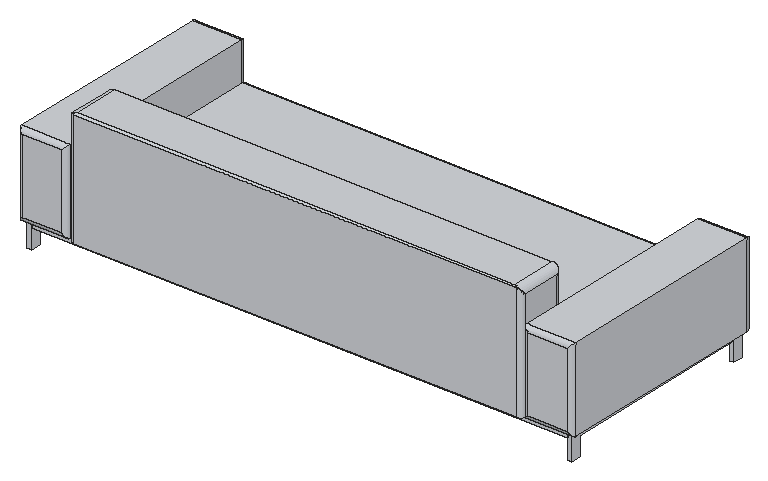
Revit family
Parameters (values of type "3 Posti (230 x 92 cm)")
  Manufacturer = "Revit"
  Materiale Gambe = none
  Materiale Divano [instance] = none
Reference planes
  plane 1 "Center (Front/Back)": y = 0
  plane 2: z = 0
  plane 3 "Center (Left/Right)": x = 0
Forms (mm)
  Extrusion 1, solid, material <- "Materiale Gambe"
    sketch origin (0, 0, 0) x (0, 1, 0) y (0, 0, 1)
      loop
        line (24.227, 101.88) -> (24.227, 0) -> (64.328, 0) -> (64.328, 79.333) -> (864.671, 79.333) -> (864.671, 0) -> (903.936, 0) -> (903.936, 101.88) -> (24.227, 101.88)
    from 1112.496 to 1132.465
  Extrusion 2, solid, material <- "Materiale Divano"
    sketch origin (900, 0.789, 0) x (0, 1, 0) y (0, 0, 1)
      loop
        arc (20, 450.111) -> (5.858, 444.253) -> (0, 430.111) r 20
        line (0, 430.111) -> (0, 121.88)
        arc (0, 121.88) -> (5.858, 107.738) -> (20, 101.88) r 20
        line (20, 101.88) -> (906.409, 101.88)
        arc (906.409, 101.88) -> (920.551, 107.738) -> (926.409, 121.88) r 20
        line (926.409, 121.88) -> (926.409, 430.111)
        arc (926.409, 430.111) -> (920.551, 444.253) -> (906.409, 450.111) r 20
        line (906.409, 450.111) -> (20, 450.111)
    from 48.111 to 251.449
  Extrusion 3, void
    sketch origin (0, 0, 0) x (1, 0, 0) y (0, 1, 0)
      loop
        line (948.111, 907.198) -> (948.111, 20.789)
        arc (948.111, 20.789) -> (953.969, 6.647) -> (968.111, 0.789) r 20
        line (968.111, 0.789) -> (1131.449, 0.789)
        arc (1131.449, 0.789) -> (1145.591, 6.647) -> (1151.449, 20.789) r 20
        line (1151.449, 20.789) -> (1151.449, 907.198)
        arc (1151.449, 907.198) -> (1145.591, 921.34) -> (1131.449, 927.198) r 20
        line (1131.449, 927.198) -> (968.111, 927.198)
        arc (968.111, 927.198) -> (953.969, 921.34) -> (948.111, 907.198) r 20
      loop
        line (910.72, 960.165) -> (910.72, -59.835) -> (1190.72, -59.835) -> (1190.72, 960.165) -> (910.72, 960.165)
    from 0 to 710.849
  Extrusion 4, solid, material <- "Materiale Gambe"
    sketch origin (-2245.131, 0, 0) x (0, 1, 0) y (0, 0, 1)
      loop
        line (24.227, 101.88) -> (24.227, 0) -> (64.328, 0) -> (64.328, 79.333) -> (864.671, 79.333) -> (864.671, 0) -> (903.936, 0) -> (903.936, 101.88) -> (24.227, 101.88)
    from 1112.496 to 1132.465
  Extrusion 5, solid, material <- "Materiale Divano"
    sketch origin (-900, 0.789, 0) x (0, 1, 0) y (0, 0, -1)
      loop
        line (20, -450.111) -> (906.409, -450.111)
        arc (906.409, -450.111) -> (920.551, -444.253) -> (926.409, -430.111) r 20
        line (926.409, -430.111) -> (926.409, -121.88)
        arc (926.409, -121.88) -> (920.551, -107.738) -> (906.409, -101.88) r 20
        line (906.409, -101.88) -> (20, -101.88)
        arc (20, -101.88) -> (5.858, -107.738) -> (0, -121.88) r 20
        line (0, -121.88) -> (0, -430.111)
        arc (0, -430.111) -> (5.858, -444.253) -> (20, -450.111) r 20
    from 48.111 to 251.449
  Extrusion 6, void
    sketch origin (0, 0, 0) x (-1, 0, 0) y (0, -1, 0)
      loop
        arc (948.111, -907.198) -> (953.969, -921.34) -> (968.111, -927.198) r 20
        line (968.111, -927.198) -> (1131.449, -927.198)
        arc (1131.449, -927.198) -> (1145.591, -921.34) -> (1151.449, -907.198) r 20
        line (1151.449, -907.198) -> (1151.449, -20.789)
        arc (1151.449, -20.789) -> (1145.591, -6.647) -> (1131.449, -0.789) r 20
        line (1131.449, -0.789) -> (968.111, -0.789)
        arc (968.111, -0.789) -> (953.969, -6.647) -> (948.111, -20.789) r 20
        line (948.111, -20.789) -> (948.111, -907.198)
      loop
        line (910.72, -960.165) -> (1190.72, -960.165) -> (1190.72, 59.835) -> (910.72, 59.835) -> (910.72, -960.165)
    from 0 to 710.849
  Extrusion 7, solid, material <- "Materiale Divano"
    sketch origin (0, 0, 0) x (1, 0, 0) y (0, 1, 0)
      loop
        arc (-941.612, 25.268) -> (-934.385, 7.417) -> (-916.613, 0) r 25
        line (-916.613, 0) -> (921.69, 0)
        arc (921.69, 0) -> (935.832, 5.858) -> (941.69, 20) r 20
        line (941.69, 20) -> (941.69, 181.904)
        arc (941.69, 181.904) -> (935.832, 196.046) -> (921.69, 201.904) r 20
        line (921.69, 201.904) -> (-919.932, 201.904)
        arc (-919.932, 201.904) -> (-933.998, 196.121) -> (-939.931, 182.118) r 20
        line (-939.931, 182.118) -> (-941.612, 25.268)
    from 101.88 to 607.612
  Extrusion 8, void
    sketch origin (0, 0, 0) x (0, 1, 0) y (0, 0, 1)
      loop
        line (-5, 430.111) -> (-4.497, 569.507)
        arc (-4.497, 569.507) -> (1.361, 583.649) -> (15.503, 589.507) r 20
        line (15.503, 589.507) -> (192.25, 589.507)
        arc (192.25, 589.507) -> (206.392, 583.649) -> (212.25, 569.507) r 20
        line (212.25, 569.507) -> (212.25, 450.111) -> (250, 450.111) -> (250, 635.111) -> (-45, 635.111) -> (-45, 430.111) -> (-5, 430.111)
    from -1224.882 to 1308.573
  Extrusion 9, void
    sketch origin (0, 0, 0) x (1, 0, 0) y (0, 0, 1)
      loop
        line (-942.725, 264.164) -> (-942.725, 552.023)
        arc (-942.725, 552.023) -> (-932.474, 576.771) -> (-907.725, 587.023) r 35
        line (-907.725, 587.023) -> (907.283, 587.023)
        arc (907.283, 587.023) -> (932.031, 576.771) -> (942.283, 552.023) r 35
        line (942.283, 552.023) -> (942.283, 244.164) -> (997.275, 244.164) -> (997.275, 684.164) -> (-1042.725, 684.164) -> (-1042.725, 264.164) -> (-942.725, 264.164)
    from -335.382 to 250
  Extrusion 10, solid, material <- "Materiale Divano"
    sketch origin (0, 0, 0) x (0, 1, 0) y (0, 0, 1)
      loop
        line (201.904, 101.88) -> (905, 101.88)
        arc (905, 101.88) -> (919.142, 107.738) -> (925, 121.88) r 20
        line (925, 121.88) -> (925, 271.88)
        arc (925, 271.88) -> (919.142, 286.023) -> (905, 291.88) r 20
        line (905, 291.88) -> (201.904, 291.88) -> (201.904, 101.88)
    from -940.46 to 941.69
  Extrusion 11, solid, material <- "Materiale Gambe", detail levels medium+fine
    sketch origin (0, 0, 0) x (1, 0, 0) y (0, 0, 1)
      loop
        line (-1112.665, 79.333) -> (1112.496, 79.333) -> (1112.496, 101.88) -> (-1112.665, 101.88) -> (-1112.665, 79.333)
    from -64.328 to -24.227
  Extrusion 12, solid, material <- "Materiale Gambe", detail levels medium+fine
    sketch origin (0, 839.608, 0) x (1, 0, 0) y (0, 0, 1)
      loop
        line (-1112.665, 79.333) -> (1112.496, 79.333) -> (1112.496, 101.88) -> (-1112.665, 101.88) -> (-1112.665, 79.333)
    from -64.328 to -24.227
Cuts and joins
  Extrusion 3, Extrusion 6 cuts Extrusion 1
  Extrusion 3, Extrusion 6 cuts Extrusion 2
  Extrusion 6 cuts Extrusion 4
  Extrusion 6 cuts Extrusion 5
  Extrusion 8, Extrusion 9 cuts Extrusion 7
Lines and regions (mm)
  symbolic lines
    curve 1: line (0, 20, 450.111) -> (0, 904.822, 450.111)
    curve 2: arc (0, 904.822, 450.111) -> (0, 918.964, 444.253) -> (0, 924.822, 430.111) r 20
    curve 3: line (0, 924.822, 430.111) -> (0, 924.822, 121.88)
    curve 4: arc (0, 924.822, 121.88) -> (0, 918.964, 107.738) -> (0, 904.822, 101.88) r 20
    curve 5: line (0, 904.822, 101.88) -> (0, 20, 101.88)
    curve 6: arc (0, 20, 101.88) -> (0, 5.858, 107.738) -> (0, 0, 121.88) r 20
    curve 7: line (0, 0, 121.88) -> (0, 0, 430.111)
    curve 8: arc (0, 0, 430.111) -> (0, 5.858, 444.253) -> (0, 20, 450.111) r 20
    curve 9: line (0, 0, 430.111) -> (0, 0.503, 569.507)
    curve 10: arc (0, 0.503, 569.507) -> (0, 6.361, 583.649) -> (0, 20.503, 589.507) r 20
    curve 11: line (0, 20.503, 589.507) -> (0, 182.25, 589.507)
    curve 12: arc (0, 182.25, 589.507) -> (0, 196.392, 583.649) -> (0, 202.25, 569.507) r 20
    curve 13: line (0, 202.25, 569.507) -> (0, 202.25, 450.111)
    curve 14: line (0, 24.227, 101.88) -> (0, 24.227, 0)
    curve 15: line (0, 24.227, 0) -> (0, 64.328, 0)
    curve 16: line (0, 64.328, 0) -> (0, 64.328, 79.333)
    curve 17: line (0, 64.328, 79.333) -> (0, 864.671, 79.333)
    curve 18: line (0, 864.671, 79.333) -> (0, 864.671, 0)
    curve 19: line (0, 864.671, 0) -> (0, 903.936, 0)
    curve 20: line (0, 903.936, 0) -> (0, 903.936, 101.88)
    curve 21: arc (0, 903.936, 78.513) -> (0, 917.568, 84.636) -> (0, 923.151, 98.498) r 20
    curve 22: line (0, 923.151, 98.498) -> (0, 923.151, 113.878)
    curve 32: line (-1129.08, 927.198, 0) -> (-965.742, 927.198, 0)
    curve 33: arc (-965.742, 927.198, 0) -> (-951.6, 921.34, 0) -> (-945.742, 907.198, 0) r 20
    curve 34: line (-945.742, 907.198, 0) -> (-945.742, 20.789, 0)
    curve 35: arc (-945.742, 20.789, 0) -> (-951.6, 6.647, 0) -> (-965.742, 0.789, 0) r 20
    curve 36: line (-965.742, 0.789, 0) -> (-1129.08, 0.789, 0)
    curve 37: arc (-1129.08, 0.789, 0) -> (-1143.222, 6.647, 0) -> (-1149.08, 20.789, 0) r 20
    curve 38: line (-1149.08, 20.789, 0) -> (-1149.08, 907.198, 0)
    curve 39: arc (-1149.08, 907.198, 0) -> (-1143.222, 921.34, 0) -> (-1129.08, 927.198, 0) r 20
    curve 40: line (970.65, 927.198, 0) -> (1133.988, 927.198, 0)
    curve 41: arc (1133.988, 927.198, 0) -> (1148.13, 921.34, 0) -> (1153.988, 907.198, 0) r 20
    curve 42: line (1153.988, 907.198, 0) -> (1153.988, 20.789, 0)
    curve 43: arc (1153.988, 20.789, 0) -> (1148.13, 6.647, 0) -> (1133.988, 0.789, 0) r 20
    curve 44: line (1133.988, 0.789, 0) -> (970.65, 0.789, 0)
    curve 45: arc (970.65, 0.789, 0) -> (956.508, 6.647, 0) -> (950.65, 20.789, 0) r 20
    curve 46: line (950.65, 20.789, 0) -> (950.65, 907.198, 0)
    curve 47: arc (950.65, 907.198, 0) -> (956.508, 921.34, 0) -> (970.65, 927.198, 0) r 20
    curve 48: arc (-919.129, 2.132, 0) -> (-933.331, 8.074, 0) -> (-939.104, 22.346, 0) r 20
    curve 49: line (-939.104, 22.346, 0) -> (-937.392, 182.118, 0)
    curve 50: arc (-937.392, 182.118, 0) -> (-931.46, 196.121, 0) -> (-917.393, 201.904, 0) r 20
    curve 51: line (-917.393, 201.904, 0) -> (924.229, 201.904, 0)
    curve 52: arc (924.229, 201.904, 0) -> (938.371, 196.046, 0) -> (944.229, 181.904, 0) r 20
    curve 53: line (944.229, 181.904, 0) -> (944.229, 20, 0)
    curve 54: arc (944.229, 20, 0) -> (938.363, 5.85, 0) -> (924.206, 0, 0) r 20
    curve 55: line (924.206, 0, 0) -> (-919.129, 0, 0)
    curve 56: arc (-919.284, 208.299, 0) -> (-933.432, 214.186, 0) -> (-939.261, 228.359, 0) r 20
    curve 57: line (-939.261, 228.359, 0) -> (-937.24, 907.258, 0)
    curve 58: arc (-937.24, 907.258, 0) -> (-931.361, 921.361, 0) -> (-917.24, 927.198, 0) r 20
    curve 59: line (-917.24, 927.198, 0) -> (924.229, 927.198, 0)
    curve 60: arc (924.229, 927.198, 0) -> (938.371, 921.34, 0) -> (944.229, 907.198, 0) r 20
    curve 61: line (944.229, 907.198, 0) -> (944.229, 226.205, 0)
    curve 62: arc (944.229, 226.205, 0) -> (938.363, 212.055, 0) -> (924.206, 206.205, 0) r 20
    curve 63: line (924.206, 206.205, 0) -> (-919.284, 206.205, 0)
  model lines, detail levels medium+fine
    curve 23: line (-940.46, 446.951, 291.88) -> (948.111, 446.951, 291.88)
    curve 24: line (941.69, 678.411, 291.88) -> (-940.46, 678.411, 291.88)
    curve 25: line (-697.319, 874.422, 291.88) -> (-697.319, 208.044, 291.88)
    curve 26: line (-461.515, 874.422, 291.88) -> (-461.515, 208.044, 291.88)
    curve 27: line (-232.083, 874.422, 291.88) -> (-232.083, 208.044, 291.88)
    curve 28: line (0, 874.422, 291.88) -> (0, 208.044, 291.88)
    curve 29: line (235.278, 874.422, 291.88) -> (235.278, 208.044, 291.88)
    curve 30: line (466.834, 874.422, 291.88) -> (466.834, 208.044, 291.88)
    curve 31: line (700.514, 874.422, 291.88) -> (700.514, 208.044, 291.88)
  symbolic lines, detail levels medium+fine
    curve 64: line (-694.781, 927.198, 0) -> (-694.781, 208.044, 0)
    curve 65: line (-458.976, 927.198, 0) -> (-458.976, 207.776, 0)
    curve 66: line (-229.544, 927.198, 0) -> (-229.544, 207.516, 0)
    curve 67: line (4.136, 927.198, 0) -> (4.136, 207.25, 0)
    curve 68: line (237.816, 927.198, 0) -> (237.816, 206.985, 0)
    curve 69: line (469.372, 927.198, 0) -> (469.372, 206.722, 0)
    curve 70: line (703.053, 927.198, 0) -> (703.053, 206.456, 0)
    curve 71: line (-937.921, 678.411, 0) -> (944.229, 678.411, 0)
    curve 72: line (944.229, 446.951, 0) -> (-938.61, 446.951, 0)
Dimensions and locks
  aligned and locked: Extrusion 11 sketch curve to cut or joined group of Extrusion 4, Extrusion 6
  aligned and locked: Extrusion 11 sketch curve to cut or joined group of Extrusion 1, Extrusion 3, Extrusion 6
  aligned and locked: Extrusion 11 to cut or joined group of Extrusion 4, Extrusion 6
  aligned and locked: cut or joined group of Extrusion 4, Extrusion 6 to Extrusion 11
